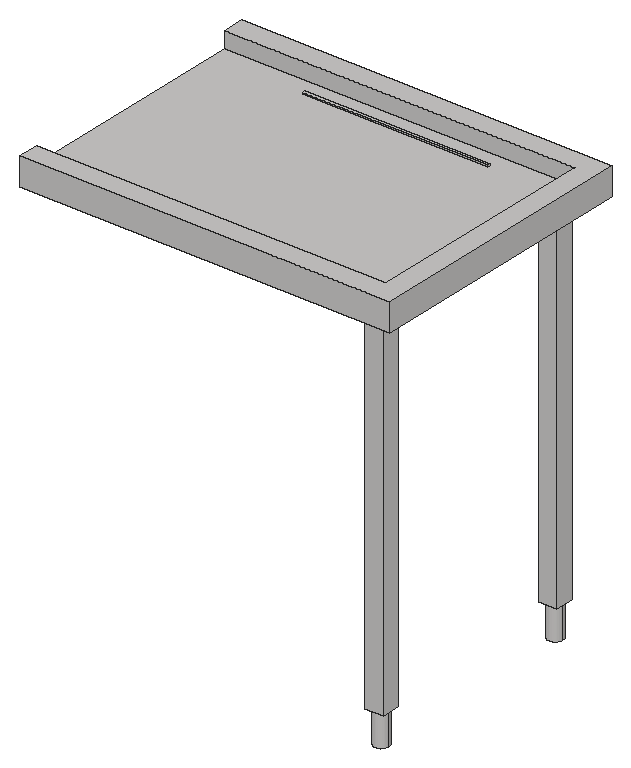
Revit family "QF_ZANUSSI_865263_BHHLU08", category Attrezzature speciali, Revit 2020
Family settings
  Quota connettore circolare = Usa diametro
  Tipo di parte = Normale
  Basato su piano di lavoro = No
  Sempre verticale = Sì
  Taglio con vuoti quando caricato = No
  Condiviso = No
  Punto di calcolo locali = No
Parameters (values of type "Standard")
  Weight = 6.00 kg
  Watts = 0 W
  Volts = 0 V
  URL Manufacturer = "http://www.zanussiprofessional.com"
  URL = "http://www.zanussiprofessional.com"
  Steam Supply Size = 0 mm
  Steam Supply Minimum Pressure = 0.0 Pa
  Steam Supply Maximum Pressure = 0.0 Pa
  Steam Consumption per Hour = 0
  Refrigeration Suction Line Size = 0 mm
  Refrigeration Liquid Line Size = 0 mm
  Refrigerant Compressor Remote = yes
  Prospetto di default = 0 mm
  Produttore = "Zanussi"
  Phase = 0
  Modello = "BHHLU08"
  Length Actual = 800 mm  # constant formula
  Item Number = "865263"
  Hot Water Size = 0 mm
  Height Actual = 910 mm  # constant formula
  HP = "0 HP"
  Gas Size = 0 mm
  Gas KW = 0
  Gas Input Pressure = 0 W
  Direct Waste Size = 0 mm
  Descrizione = "DW TABLE UNLOADING&LOAD.-HOOD TYPE 800MM"
  Depth Actual = 600 mm  # constant formula
  Cycle = 0 Hz
  Condensate Return Size = 0 mm
  Compressed Air Volume = 0.0 L/s
  Compressed Air Size = 0 mm
  Compressed Air Pressure = 0.0 Pa
  Cold Water Size = 0 mm
  Accessory = yes
Reference planes
  plane 1 "Back": y = 0
  plane 2: z = 0
  plane 3 "Left": x = 0
Forms (mm)
  Extrusion 1, solid, material "QF_Finishes_Stainless Steel"
    sketch origin (0, 0, 704.604) x (1, 0, 0) y (0, 1, 0)
      loop
        line (0, 0) -> (0, -600) -> (800, -600) -> (800, 0) -> (0, 0)
    from 145.396 to 205.396
  Extrusion 2, void
    sketch origin (0, 0, 0.958) x (1, 0, 0) y (0, 1, 0)
      loop
        line (0, -45) -> (0, -555) -> (755, -555) -> (755, -45) -> (0, -45)
    from 874.042 to 909.042
  Extrusion 3, solid, material "QF_Finishes_Stainless Steel"
    sketch origin (20, 0, 150) x (1, 0, 0) y (0, 1, 0)
      loop
        line (730, -45) -> (690, -45) -> (690, -85) -> (730, -85) -> (730, -45)
    from -80 to 700
  Extrusion 4, solid, material "QF_Finishes_Stainless Steel"
    sketch origin (20, -470, 129.575) x (1, 0, 0) y (0, 1, 0)
      loop
        line (730, -45) -> (690, -45) -> (690, -85) -> (730, -85) -> (730, -45)
    from -59.575 to 720.425
  Extrusion 5, solid, material "QF_Finishes_Stainless Steel"
    sketch origin (20, 0, 0) x (1, 0, 0) y (0, 1, 0)
      loop
        circle (710, -65) r 16
    from 0 to 70
  Extrusion 6, solid, material "QF_Finishes_Stainless Steel"
    sketch origin (20, -470, 0) x (1, 0, 0) y (0, 1, 0)
      loop
        circle (710, -65) r 16
    from 0 to 70
  Extrusion 7, solid, material "QF_Finishes_Stainless Steel"
    sketch origin (52.954, 0, 0) x (1, 0, 0) y (0, 1, 0)
      loop
        line (147.046, -80.302) -> (147.046, -85.302) -> (547.046, -85.302) -> (547.046, -80.302) -> (147.046, -80.302)
    from 875 to 878
  Extrusion 8, solid, material "QF_Finishes_Stainless Steel"
    sketch origin (52.954, -600, 0) x (1, 0, 0) y (0, 1, 0)
      loop
        line (147.046, 80.302) -> (547.046, 80.302) -> (547.046, 85.302) -> (147.046, 85.302) -> (147.046, 80.302)
    from 875 to 878
Cuts and joins
  Extrusion 2 cuts Extrusion 1
Dimensions and locks
  Extrusion 1 to Extrusion 1 = 60 mm
  equal spacing: Extrusion 1, Extrusion 2 sketch curve, Extrusion 2 sketch curve, Extrusion 1
  equal spacing: Extrusion 1, Extrusion 2 sketch curve, Extrusion 1
  Extrusion 2 to Extrusion 2 = 35 mm
  Extrusion 2 to level = 910 mm
  Extrusion 2 to Extrusion 1 = 800 mm
  Extrusion 1 to Extrusion 1 = 600 mm
  aligned and locked: level to plane 2
